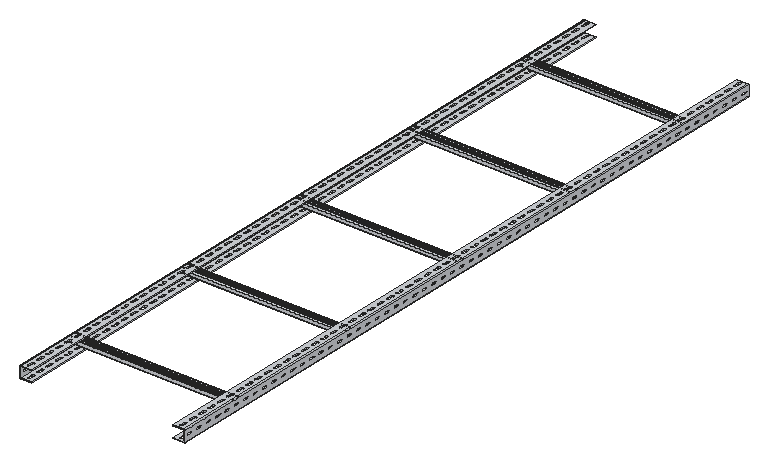
Revit family "steigeleiter_7_FT_FTSO_FTK_A2_A4.700rfa", category Generic Models, Revit 2017 (continued)
Forms (mm)
  Extrusion 148, void
    sketch origin (0, 1250, 0) x (0, 1, 0) y (0, 0, 1)
      loop
        arc (15.5, 30.5) -> (10, 25) -> (15.5, 19.5) r 5.5
        line (15.5, 19.5) -> (34.5, 19.5)
        arc (34.5, 19.5) -> (40, 25) -> (34.5, 30.5) r 5.5
        line (34.5, 30.5) -> (15.5, 30.5)
    from 347.5 to 350
  Extrusion 149, void
    sketch origin (0, 1300, 0) x (0, 1, 0) y (0, 0, 1)
      loop
        arc (15.5, 30.5) -> (10, 25) -> (15.5, 19.5) r 5.5
        line (15.5, 19.5) -> (34.5, 19.5)
        arc (34.5, 19.5) -> (40, 25) -> (34.5, 30.5) r 5.5
        line (34.5, 30.5) -> (15.5, 30.5)
    from 347.5 to 350
  Extrusion 150, void
    sketch origin (0, 1350, 0) x (0, 1, 0) y (0, 0, 1)
      loop
        arc (15.5, 30.5) -> (10, 25) -> (15.5, 19.5) r 5.5
        line (15.5, 19.5) -> (34.5, 19.5)
        arc (34.5, 19.5) -> (40, 25) -> (34.5, 30.5) r 5.5
        line (34.5, 30.5) -> (15.5, 30.5)
    from 347.5 to 350
  Extrusion 151, void
    sketch origin (0, 1400, 0) x (0, 1, 0) y (0, 0, 1)
      loop
        arc (15.5, 30.5) -> (10, 25) -> (15.5, 19.5) r 5.5
        line (15.5, 19.5) -> (34.5, 19.5)
        arc (34.5, 19.5) -> (40, 25) -> (34.5, 30.5) r 5.5
        line (34.5, 30.5) -> (15.5, 30.5)
    from 347.5 to 350
  Extrusion 152, void
    sketch origin (0, 1450, 0) x (0, 1, 0) y (0, 0, 1)
      loop
        arc (15.5, 30.5) -> (10, 25) -> (15.5, 19.5) r 5.5
        line (15.5, 19.5) -> (34.5, 19.5)
        arc (34.5, 19.5) -> (40, 25) -> (34.5, 30.5) r 5.5
        line (34.5, 30.5) -> (15.5, 30.5)
    from 347.5 to 350
  Extrusion 153, void
    sketch origin (0, 1500, 0) x (0, 1, 0) y (0, 0, 1)
      loop
        arc (15.5, 30.5) -> (10, 25) -> (15.5, 19.5) r 5.5
        line (15.5, 19.5) -> (34.5, 19.5)
        arc (34.5, 19.5) -> (40, 25) -> (34.5, 30.5) r 5.5
        line (34.5, 30.5) -> (15.5, 30.5)
    from 347.5 to 350
  Extrusion 154, void
    sketch origin (0, 1550, 0) x (0, 1, 0) y (0, 0, 1)
      loop
        arc (15.5, 30.5) -> (10, 25) -> (15.5, 19.5) r 5.5
        line (15.5, 19.5) -> (34.5, 19.5)
        arc (34.5, 19.5) -> (40, 25) -> (34.5, 30.5) r 5.5
        line (34.5, 30.5) -> (15.5, 30.5)
    from 347.5 to 350
  Extrusion 155, void
    sketch origin (0, 1600, 0) x (0, 1, 0) y (0, 0, 1)
      loop
        arc (15.5, 30.5) -> (10, 25) -> (15.5, 19.5) r 5.5
        line (15.5, 19.5) -> (34.5, 19.5)
        arc (34.5, 19.5) -> (40, 25) -> (34.5, 30.5) r 5.5
        line (34.5, 30.5) -> (15.5, 30.5)
    from 347.5 to 350
  Extrusion 156, void
    sketch origin (0, 1650, 0) x (0, 1, 0) y (0, 0, 1)
      loop
        arc (15.5, 30.5) -> (10, 25) -> (15.5, 19.5) r 5.5
        line (15.5, 19.5) -> (34.5, 19.5)
        arc (34.5, 19.5) -> (40, 25) -> (34.5, 30.5) r 5.5
        line (34.5, 30.5) -> (15.5, 30.5)
    from 347.5 to 350
  Extrusion 157, void
    sketch origin (0, 1700, 0) x (0, 1, 0) y (0, 0, 1)
      loop
        arc (15.5, 30.5) -> (10, 25) -> (15.5, 19.5) r 5.5
        line (15.5, 19.5) -> (34.5, 19.5)
        arc (34.5, 19.5) -> (40, 25) -> (34.5, 30.5) r 5.5
        line (34.5, 30.5) -> (15.5, 30.5)
    from 347.5 to 350
  Extrusion 158, void
    sketch origin (0, 1750, 0) x (0, 1, 0) y (0, 0, 1)
      loop
        arc (15.5, 30.5) -> (10, 25) -> (15.5, 19.5) r 5.5
        line (15.5, 19.5) -> (34.5, 19.5)
        arc (34.5, 19.5) -> (40, 25) -> (34.5, 30.5) r 5.5
        line (34.5, 30.5) -> (15.5, 30.5)
    from 347.5 to 350
  Extrusion 159, void
    sketch origin (0, 1800, 0) x (0, 1, 0) y (0, 0, 1)
      loop
        arc (15.5, 30.5) -> (10, 25) -> (15.5, 19.5) r 5.5
        line (15.5, 19.5) -> (34.5, 19.5)
        arc (34.5, 19.5) -> (40, 25) -> (34.5, 30.5) r 5.5
        line (34.5, 30.5) -> (15.5, 30.5)
    from 347.5 to 350
  Extrusion 160, void
    sketch origin (0, 1850, 0) x (0, 1, 0) y (0, 0, 1)
      loop
        arc (15.5, 30.5) -> (10, 25) -> (15.5, 19.5) r 5.5
        line (15.5, 19.5) -> (34.5, 19.5)
        arc (34.5, 19.5) -> (40, 25) -> (34.5, 30.5) r 5.5
        line (34.5, 30.5) -> (15.5, 30.5)
    from 347.5 to 350
  Extrusion 161, void
    sketch origin (0, 1900, 0) x (0, 1, 0) y (0, 0, 1)
      loop
        arc (15.5, 30.5) -> (10, 25) -> (15.5, 19.5) r 5.5
        line (15.5, 19.5) -> (34.5, 19.5)
        arc (34.5, 19.5) -> (40, 25) -> (34.5, 30.5) r 5.5
        line (34.5, 30.5) -> (15.5, 30.5)
    from 347.5 to 350
  Extrusion 162, void
    sketch origin (0, 1950, 0) x (0, 1, 0) y (0, 0, 1)
      loop
        arc (15.5, 30.5) -> (10, 25) -> (15.5, 19.5) r 5.5
        line (15.5, 19.5) -> (34.5, 19.5)
        arc (34.5, 19.5) -> (40, 25) -> (34.5, 30.5) r 5.5
        line (34.5, 30.5) -> (15.5, 30.5)
    from 347.5 to 350
  Extrusion 163, void
    sketch origin (0, 2000, 0) x (0, 1, 0) y (0, 0, 1)
      loop
        arc (15.5, 30.5) -> (10, 25) -> (15.5, 19.5) r 5.5
        line (15.5, 19.5) -> (34.5, 19.5)
        arc (34.5, 19.5) -> (40, 25) -> (34.5, 30.5) r 5.5
        line (34.5, 30.5) -> (15.5, 30.5)
    from 347.5 to 350
  Extrusion 164, void
    sketch origin (0, 2050, 0) x (0, 1, 0) y (0, 0, 1)
      loop
        arc (15.5, 30.5) -> (10, 25) -> (15.5, 19.5) r 5.5
        line (15.5, 19.5) -> (34.5, 19.5)
        arc (34.5, 19.5) -> (40, 25) -> (34.5, 30.5) r 5.5
        line (34.5, 30.5) -> (15.5, 30.5)
    from 347.5 to 350
  Extrusion 165, void
    sketch origin (0, 2100, 0) x (0, 1, 0) y (0, 0, 1)
      loop
        arc (15.5, 30.5) -> (10, 25) -> (15.5, 19.5) r 5.5
        line (15.5, 19.5) -> (34.5, 19.5)
        arc (34.5, 19.5) -> (40, 25) -> (34.5, 30.5) r 5.5
        line (34.5, 30.5) -> (15.5, 30.5)
    from 347.5 to 350
  Extrusion 166, void
    sketch origin (0, 2150, 0) x (0, 1, 0) y (0, 0, 1)
      loop
        arc (15.5, 30.5) -> (10, 25) -> (15.5, 19.5) r 5.5
        line (15.5, 19.5) -> (34.5, 19.5)
        arc (34.5, 19.5) -> (40, 25) -> (34.5, 30.5) r 5.5
        line (34.5, 30.5) -> (15.5, 30.5)
    from 347.5 to 350
  Extrusion 167, void
    sketch origin (0, 2200, 0) x (0, 1, 0) y (0, 0, 1)
      loop
        arc (15.5, 30.5) -> (10, 25) -> (15.5, 19.5) r 5.5
        line (15.5, 19.5) -> (34.5, 19.5)
        arc (34.5, 19.5) -> (40, 25) -> (34.5, 30.5) r 5.5
        line (34.5, 30.5) -> (15.5, 30.5)
    from 347.5 to 350
  Extrusion 168, void
    sketch origin (0, 2250, 0) x (0, 1, 0) y (0, 0, 1)
      loop
        arc (15.5, 30.5) -> (10, 25) -> (15.5, 19.5) r 5.5
        line (15.5, 19.5) -> (34.5, 19.5)
        arc (34.5, 19.5) -> (40, 25) -> (34.5, 30.5) r 5.5
        line (34.5, 30.5) -> (15.5, 30.5)
    from 347.5 to 350
  Extrusion 169, void
    sketch origin (0, 2300, 0) x (0, 1, 0) y (0, 0, 1)
      loop
        arc (15.5, 30.5) -> (10, 25) -> (15.5, 19.5) r 5.5
        line (15.5, 19.5) -> (34.5, 19.5)
        arc (34.5, 19.5) -> (40, 25) -> (34.5, 30.5) r 5.5
        line (34.5, 30.5) -> (15.5, 30.5)
    from 347.5 to 350
  Extrusion 170, void
    sketch origin (0, 2350, 0) x (0, 1, 0) y (0, 0, 1)
      loop
        arc (15.5, 30.5) -> (10, 25) -> (15.5, 19.5) r 5.5
        line (15.5, 19.5) -> (34.5, 19.5)
        arc (34.5, 19.5) -> (40, 25) -> (34.5, 30.5) r 5.5
        line (34.5, 30.5) -> (15.5, 30.5)
    from 347.5 to 350
  Extrusion 171, void
    sketch origin (0, 2400, 0) x (0, 1, 0) y (0, 0, 1)
      loop
        arc (15.5, 30.5) -> (10, 25) -> (15.5, 19.5) r 5.5
        line (15.5, 19.5) -> (34.5, 19.5)
        arc (34.5, 19.5) -> (40, 25) -> (34.5, 30.5) r 5.5
        line (34.5, 30.5) -> (15.5, 30.5)
    from 347.5 to 350
  Extrusion 172, void
    sketch origin (0, 2450, 0) x (0, 1, 0) y (0, 0, 1)
      loop
        arc (15.5, 30.5) -> (10, 25) -> (15.5, 19.5) r 5.5
        line (15.5, 19.5) -> (34.5, 19.5)
        arc (34.5, 19.5) -> (40, 25) -> (34.5, 30.5) r 5.5
        line (34.5, 30.5) -> (15.5, 30.5)
    from 347.5 to 350
  Extrusion 173, void
    sketch origin (0, 2500, 0) x (0, 1, 0) y (0, 0, 1)
      loop
        arc (15.5, 30.5) -> (10, 25) -> (15.5, 19.5) r 5.5
        line (15.5, 19.5) -> (34.5, 19.5)
        arc (34.5, 19.5) -> (40, 25) -> (34.5, 30.5) r 5.5
        line (34.5, 30.5) -> (15.5, 30.5)
    from 347.5 to 350
  Extrusion 174, void
    sketch origin (0, 2550, 0) x (0, 1, 0) y (0, 0, 1)
      loop
        arc (15.5, 30.5) -> (10, 25) -> (15.5, 19.5) r 5.5
        line (15.5, 19.5) -> (34.5, 19.5)
        arc (34.5, 19.5) -> (40, 25) -> (34.5, 30.5) r 5.5
        line (34.5, 30.5) -> (15.5, 30.5)
    from 347.5 to 350
  Extrusion 175, void
    sketch origin (0, 2600, 0) x (0, 1, 0) y (0, 0, 1)
      loop
        arc (15.5, 30.5) -> (10, 25) -> (15.5, 19.5) r 5.5
        line (15.5, 19.5) -> (34.5, 19.5)
        arc (34.5, 19.5) -> (40, 25) -> (34.5, 30.5) r 5.5
        line (34.5, 30.5) -> (15.5, 30.5)
    from 347.5 to 350
  Extrusion 176, void
    sketch origin (0, 2650, 0) x (0, 1, 0) y (0, 0, 1)
      loop
        arc (15.5, 30.5) -> (10, 25) -> (15.5, 19.5) r 5.5
        line (15.5, 19.5) -> (34.5, 19.5)
        arc (34.5, 19.5) -> (40, 25) -> (34.5, 30.5) r 5.5
        line (34.5, 30.5) -> (15.5, 30.5)
    from 347.5 to 350
  Extrusion 177, void
    sketch origin (0, 2700, 0) x (0, 1, 0) y (0, 0, 1)
      loop
        arc (15.5, 30.5) -> (10, 25) -> (15.5, 19.5) r 5.5
        line (15.5, 19.5) -> (34.5, 19.5)
        arc (34.5, 19.5) -> (40, 25) -> (34.5, 30.5) r 5.5
        line (34.5, 30.5) -> (15.5, 30.5)
    from 347.5 to 350
  Extrusion 178, void
    sketch origin (0, 2750, 0) x (0, 1, 0) y (0, 0, 1)
      loop
        arc (15.5, 30.5) -> (10, 25) -> (15.5, 19.5) r 5.5
        line (15.5, 19.5) -> (34.5, 19.5)
        arc (34.5, 19.5) -> (40, 25) -> (34.5, 30.5) r 5.5
        line (34.5, 30.5) -> (15.5, 30.5)
    from 347.5 to 350
  Extrusion 179, void
    sketch origin (0, 2800, 0) x (0, 1, 0) y (0, 0, 1)
      loop
        arc (15.5, 30.5) -> (10, 25) -> (15.5, 19.5) r 5.5
        line (15.5, 19.5) -> (34.5, 19.5)
        arc (34.5, 19.5) -> (40, 25) -> (34.5, 30.5) r 5.5
        line (34.5, 30.5) -> (15.5, 30.5)
    from 347.5 to 350
  Extrusion 180, void
    sketch origin (0, 2850, 0) x (0, 1, 0) y (0, 0, 1)
      loop
        arc (15.5, 30.5) -> (10, 25) -> (15.5, 19.5) r 5.5
        line (15.5, 19.5) -> (34.5, 19.5)
        arc (34.5, 19.5) -> (40, 25) -> (34.5, 30.5) r 5.5
        line (34.5, 30.5) -> (15.5, 30.5)
    from 347.5 to 350
  Extrusion 181, void
    sketch origin (0, 2900, 0) x (0, 1, 0) y (0, 0, 1)
      loop
        arc (15.5, 30.5) -> (10, 25) -> (15.5, 19.5) r 5.5
        line (15.5, 19.5) -> (34.5, 19.5)
        arc (34.5, 19.5) -> (40, 25) -> (34.5, 30.5) r 5.5
        line (34.5, 30.5) -> (15.5, 30.5)
    from 347.5 to 350
  Extrusion 182, void
    sketch origin (0, 2950, 0) x (0, 1, 0) y (0, 0, 1)
      loop
        arc (15.5, 30.5) -> (10, 25) -> (15.5, 19.5) r 5.5
        line (15.5, 19.5) -> (34.5, 19.5)
        arc (34.5, 19.5) -> (40, 25) -> (34.5, 30.5) r 5.5
        line (34.5, 30.5) -> (15.5, 30.5)
    from 347.5 to 350
  Extrusion 183, void
    sketch origin (0, 0, 0) x (0, 1, 0) y (0, 0, 1)
      loop
        arc (15.5, 30.5) -> (10, 25) -> (15.5, 19.5) r 5.5
        line (15.5, 19.5) -> (34.5, 19.5)
        arc (34.5, 19.5) -> (40, 25) -> (34.5, 30.5) r 5.5
        line (34.5, 30.5) -> (15.5, 30.5)
    from 347.5 to 350
  Extrusion 184, void
    sketch origin (0, 50, 0) x (0, 1, 0) y (0, 0, 1)
      loop
        line (34.599, 30.303) -> (15.401, 30.303)
        arc (15.401, 30.303) -> (10, 24.901) -> (15.401, 19.5) r 5.401
        line (15.401, 19.5) -> (34.599, 19.5)
        arc (34.599, 19.5) -> (40, 24.901) -> (34.599, 30.303) r 5.401
    from -355 to -344.856
  Extrusion 185, void
    sketch origin (0, 100, 0) x (0, 1, 0) y (0, 0, 1)
      loop
        line (34.599, 30.303) -> (15.401, 30.303)
        arc (15.401, 30.303) -> (10, 24.901) -> (15.401, 19.5) r 5.401
        line (15.401, 19.5) -> (34.599, 19.5)
        arc (34.599, 19.5) -> (40, 24.901) -> (34.599, 30.303) r 5.401
    from -350 to -347.5
  Extrusion 186, void
    sketch origin (0, 150, 0) x (0, 1, 0) y (0, 0, 1)
      loop
        line (34.599, 30.303) -> (15.401, 30.303)
        arc (15.401, 30.303) -> (10, 24.901) -> (15.401, 19.5) r 5.401
        line (15.401, 19.5) -> (34.599, 19.5)
        arc (34.599, 19.5) -> (40, 24.901) -> (34.599, 30.303) r 5.401
    from -350 to -347.5
  Extrusion 187, void
    sketch origin (0, 200, 0) x (0, 1, 0) y (0, 0, 1)
      loop
        line (34.599, 30.303) -> (15.401, 30.303)
        arc (15.401, 30.303) -> (10, 24.901) -> (15.401, 19.5) r 5.401
        line (15.401, 19.5) -> (34.599, 19.5)
        arc (34.599, 19.5) -> (40, 24.901) -> (34.599, 30.303) r 5.401
    from -350 to -347.5
  Extrusion 188, void
    sketch origin (0, 250, 0) x (0, 1, 0) y (0, 0, 1)
      loop
        line (34.599, 30.303) -> (15.401, 30.303)
        arc (15.401, 30.303) -> (10, 24.901) -> (15.401, 19.5) r 5.401
        line (15.401, 19.5) -> (34.599, 19.5)
        arc (34.599, 19.5) -> (40, 24.901) -> (34.599, 30.303) r 5.401
    from -350 to -347.5
  Extrusion 189, void
    sketch origin (0, 300, 0) x (0, 1, 0) y (0, 0, 1)
      loop
        line (34.599, 30.303) -> (15.401, 30.303)
        arc (15.401, 30.303) -> (10, 24.901) -> (15.401, 19.5) r 5.401
        line (15.401, 19.5) -> (34.599, 19.5)
        arc (34.599, 19.5) -> (40, 24.901) -> (34.599, 30.303) r 5.401
    from -350 to -347.5
  Extrusion 190, void
    sketch origin (0, 350, 0) x (0, 1, 0) y (0, 0, 1)
      loop
        line (34.599, 30.303) -> (15.401, 30.303)
        arc (15.401, 30.303) -> (10, 24.901) -> (15.401, 19.5) r 5.401
        line (15.401, 19.5) -> (34.599, 19.5)
        arc (34.599, 19.5) -> (40, 24.901) -> (34.599, 30.303) r 5.401
    from -350 to -347.5
  Extrusion 191, void
    sketch origin (0, 400, 0) x (0, 1, 0) y (0, 0, 1)
      loop
        line (34.599, 30.303) -> (15.401, 30.303)
        arc (15.401, 30.303) -> (10, 24.901) -> (15.401, 19.5) r 5.401
        line (15.401, 19.5) -> (34.599, 19.5)
        arc (34.599, 19.5) -> (40, 24.901) -> (34.599, 30.303) r 5.401
    from -350 to -347.5
  Extrusion 192, void
    sketch origin (0, 450, 0) x (0, 1, 0) y (0, 0, 1)
      loop
        line (34.599, 30.303) -> (15.401, 30.303)
        arc (15.401, 30.303) -> (10, 24.901) -> (15.401, 19.5) r 5.401
        line (15.401, 19.5) -> (34.599, 19.5)
        arc (34.599, 19.5) -> (40, 24.901) -> (34.599, 30.303) r 5.401
    from -350 to -347.5
  Extrusion 193, void
    sketch origin (0, 500, 0) x (0, 1, 0) y (0, 0, 1)
      loop
        line (34.599, 30.303) -> (15.401, 30.303)
        arc (15.401, 30.303) -> (10, 24.901) -> (15.401, 19.5) r 5.401
        line (15.401, 19.5) -> (34.599, 19.5)
        arc (34.599, 19.5) -> (40, 24.901) -> (34.599, 30.303) r 5.401
    from -350 to -347.5
  Extrusion 194, void
    sketch origin (0, 550, 0) x (0, 1, 0) y (0, 0, 1)
      loop
        line (34.599, 30.303) -> (15.401, 30.303)
        arc (15.401, 30.303) -> (10, 24.901) -> (15.401, 19.5) r 5.401
        line (15.401, 19.5) -> (34.599, 19.5)
        arc (34.599, 19.5) -> (40, 24.901) -> (34.599, 30.303) r 5.401
    from -350 to -347.5
  Extrusion 195, void
    sketch origin (0, 600, 0) x (0, 1, 0) y (0, 0, 1)
      loop
        line (34.599, 30.303) -> (15.401, 30.303)
        arc (15.401, 30.303) -> (10, 24.901) -> (15.401, 19.5) r 5.401
        line (15.401, 19.5) -> (34.599, 19.5)
        arc (34.599, 19.5) -> (40, 24.901) -> (34.599, 30.303) r 5.401
    from -350 to -347.5
  Extrusion 196, void
    sketch origin (0, 650, 0) x (0, 1, 0) y (0, 0, 1)
      loop
        line (34.599, 30.303) -> (15.401, 30.303)
        arc (15.401, 30.303) -> (10, 24.901) -> (15.401, 19.5) r 5.401
        line (15.401, 19.5) -> (34.599, 19.5)
        arc (34.599, 19.5) -> (40, 24.901) -> (34.599, 30.303) r 5.401
    from -350 to -347.5
  Extrusion 197, void
    sketch origin (0, 700, 0) x (0, 1, 0) y (0, 0, 1)
      loop
        line (34.599, 30.303) -> (15.401, 30.303)
        arc (15.401, 30.303) -> (10, 24.901) -> (15.401, 19.5) r 5.401
        line (15.401, 19.5) -> (34.599, 19.5)
        arc (34.599, 19.5) -> (40, 24.901) -> (34.599, 30.303) r 5.401
    from -350 to -347.5
  Extrusion 198, void
    sketch origin (0, 750, 0) x (0, 1, 0) y (0, 0, 1)
      loop
        line (34.599, 30.303) -> (15.401, 30.303)
        arc (15.401, 30.303) -> (10, 24.901) -> (15.401, 19.5) r 5.401
        line (15.401, 19.5) -> (34.599, 19.5)
        arc (34.599, 19.5) -> (40, 24.901) -> (34.599, 30.303) r 5.401
    from -350 to -347.5
  Extrusion 199, void
    sketch origin (0, 800, 0) x (0, 1, 0) y (0, 0, 1)
      loop
        line (34.599, 30.303) -> (15.401, 30.303)
        arc (15.401, 30.303) -> (10, 24.901) -> (15.401, 19.5) r 5.401
        line (15.401, 19.5) -> (34.599, 19.5)
        arc (34.599, 19.5) -> (40, 24.901) -> (34.599, 30.303) r 5.401
    from -350 to -347.5
  Extrusion 200, void
    sketch origin (0, 850, 0) x (0, 1, 0) y (0, 0, 1)
      loop
        line (34.599, 30.303) -> (15.401, 30.303)
        arc (15.401, 30.303) -> (10, 24.901) -> (15.401, 19.5) r 5.401
        line (15.401, 19.5) -> (34.599, 19.5)
        arc (34.599, 19.5) -> (40, 24.901) -> (34.599, 30.303) r 5.401
    from -350 to -347.5
  Extrusion 201, void
    sketch origin (0, 900, 0) x (0, 1, 0) y (0, 0, 1)
      loop
        line (34.599, 30.303) -> (15.401, 30.303)
        arc (15.401, 30.303) -> (10, 24.901) -> (15.401, 19.5) r 5.401
        line (15.401, 19.5) -> (34.599, 19.5)
        arc (34.599, 19.5) -> (40, 24.901) -> (34.599, 30.303) r 5.401
    from -350 to -347.5
  Extrusion 202, void
    sketch origin (0, 950, 0) x (0, 1, 0) y (0, 0, 1)
      loop
        line (34.599, 30.303) -> (15.401, 30.303)
        arc (15.401, 30.303) -> (10, 24.901) -> (15.401, 19.5) r 5.401
        line (15.401, 19.5) -> (34.599, 19.5)
        arc (34.599, 19.5) -> (40, 24.901) -> (34.599, 30.303) r 5.401
    from -350 to -347.5
  Extrusion 203, void
    sketch origin (0, 1000, 0) x (0, 1, 0) y (0, 0, 1)
      loop
        line (34.599, 30.303) -> (15.401, 30.303)
        arc (15.401, 30.303) -> (10, 24.901) -> (15.401, 19.5) r 5.401
        line (15.401, 19.5) -> (34.599, 19.5)
        arc (34.599, 19.5) -> (40, 24.901) -> (34.599, 30.303) r 5.401
    from -350 to -347.5
  Extrusion 204, void
    sketch origin (0, 1050, 0) x (0, 1, 0) y (0, 0, 1)
      loop
        line (34.599, 30.303) -> (15.401, 30.303)
        arc (15.401, 30.303) -> (10, 24.901) -> (15.401, 19.5) r 5.401
        line (15.401, 19.5) -> (34.599, 19.5)
        arc (34.599, 19.5) -> (40, 24.901) -> (34.599, 30.303) r 5.401
    from -350 to -347.5
  Extrusion 205, void
    sketch origin (0, 1100, 0) x (0, 1, 0) y (0, 0, 1)
      loop
        line (34.599, 30.303) -> (15.401, 30.303)
        arc (15.401, 30.303) -> (10, 24.901) -> (15.401, 19.5) r 5.401
        line (15.401, 19.5) -> (34.599, 19.5)
        arc (34.599, 19.5) -> (40, 24.901) -> (34.599, 30.303) r 5.401
    from -350 to -347.5
  Extrusion 206, void
    sketch origin (0, 1150, 0) x (0, 1, 0) y (0, 0, 1)
      loop
        line (34.599, 30.303) -> (15.401, 30.303)
        arc (15.401, 30.303) -> (10, 24.901) -> (15.401, 19.5) r 5.401
        line (15.401, 19.5) -> (34.599, 19.5)
        arc (34.599, 19.5) -> (40, 24.901) -> (34.599, 30.303) r 5.401
    from -350 to -347.5
  Extrusion 207, void
    sketch origin (0, 1200, 0) x (0, 1, 0) y (0, 0, 1)
      loop
        line (34.599, 30.303) -> (15.401, 30.303)
        arc (15.401, 30.303) -> (10, 24.901) -> (15.401, 19.5) r 5.401
        line (15.401, 19.5) -> (34.599, 19.5)
        arc (34.599, 19.5) -> (40, 24.901) -> (34.599, 30.303) r 5.401
    from -350 to -347.5
  Extrusion 208, void
    sketch origin (0, 1250, 0) x (0, 1, 0) y (0, 0, 1)
      loop
        line (34.599, 30.303) -> (15.401, 30.303)
        arc (15.401, 30.303) -> (10, 24.901) -> (15.401, 19.5) r 5.401
        line (15.401, 19.5) -> (34.599, 19.5)
        arc (34.599, 19.5) -> (40, 24.901) -> (34.599, 30.303) r 5.401
    from -350 to -347.5
  Extrusion 209, void
    sketch origin (0, 1300, 0) x (0, 1, 0) y (0, 0, 1)
      loop
        line (34.599, 30.303) -> (15.401, 30.303)
        arc (15.401, 30.303) -> (10, 24.901) -> (15.401, 19.5) r 5.401
        line (15.401, 19.5) -> (34.599, 19.5)
        arc (34.599, 19.5) -> (40, 24.901) -> (34.599, 30.303) r 5.401
    from -350 to -347.5
  Extrusion 210, void
    sketch origin (0, 1350, 0) x (0, 1, 0) y (0, 0, 1)
      loop
        line (34.599, 30.303) -> (15.401, 30.303)
        arc (15.401, 30.303) -> (10, 24.901) -> (15.401, 19.5) r 5.401
        line (15.401, 19.5) -> (34.599, 19.5)
        arc (34.599, 19.5) -> (40, 24.901) -> (34.599, 30.303) r 5.401
    from -350 to -347.5
  Extrusion 211, void
    sketch origin (0, 1400, 0) x (0, 1, 0) y (0, 0, 1)
      loop
        line (34.599, 30.303) -> (15.401, 30.303)
        arc (15.401, 30.303) -> (10, 24.901) -> (15.401, 19.5) r 5.401
        line (15.401, 19.5) -> (34.599, 19.5)
        arc (34.599, 19.5) -> (40, 24.901) -> (34.599, 30.303) r 5.401
    from -350 to -347.5
  Extrusion 212, void
    sketch origin (0, 1450, 0) x (0, 1, 0) y (0, 0, 1)
      loop
        line (34.599, 30.303) -> (15.401, 30.303)
        arc (15.401, 30.303) -> (10, 24.901) -> (15.401, 19.5) r 5.401
        line (15.401, 19.5) -> (34.599, 19.5)
        arc (34.599, 19.5) -> (40, 24.901) -> (34.599, 30.303) r 5.401
    from -350 to -347.5
  Extrusion 213, void
    sketch origin (0, 1500, 0) x (0, 1, 0) y (0, 0, 1)
      loop
        line (34.599, 30.303) -> (15.401, 30.303)
        arc (15.401, 30.303) -> (10, 24.901) -> (15.401, 19.5) r 5.401
        line (15.401, 19.5) -> (34.599, 19.5)
        arc (34.599, 19.5) -> (40, 24.901) -> (34.599, 30.303) r 5.401
    from -350 to -347.5
  Extrusion 214, void
    sketch origin (0, 1550, 0) x (0, 1, 0) y (0, 0, 1)
      loop
        line (34.599, 30.303) -> (15.401, 30.303)
        arc (15.401, 30.303) -> (10, 24.901) -> (15.401, 19.5) r 5.401
        line (15.401, 19.5) -> (34.599, 19.5)
        arc (34.599, 19.5) -> (40, 24.901) -> (34.599, 30.303) r 5.401
    from -350 to -347.5
  Extrusion 215, void
    sketch origin (0, 1600, 0) x (0, 1, 0) y (0, 0, 1)
      loop
        line (34.599, 30.303) -> (15.401, 30.303)
        arc (15.401, 30.303) -> (10, 24.901) -> (15.401, 19.5) r 5.401
        line (15.401, 19.5) -> (34.599, 19.5)
        arc (34.599, 19.5) -> (40, 24.901) -> (34.599, 30.303) r 5.401
    from -350 to -347.5
  Extrusion 216, void
    sketch origin (0, 1650, 0) x (0, 1, 0) y (0, 0, 1)
      loop
        line (34.599, 30.303) -> (15.401, 30.303)
        arc (15.401, 30.303) -> (10, 24.901) -> (15.401, 19.5) r 5.401
        line (15.401, 19.5) -> (34.599, 19.5)
        arc (34.599, 19.5) -> (40, 24.901) -> (34.599, 30.303) r 5.401
    from -350 to -347.5
  Extrusion 217, void
    sketch origin (0, 1700, 0) x (0, 1, 0) y (0, 0, 1)
      loop
        line (34.599, 30.303) -> (15.401, 30.303)
        arc (15.401, 30.303) -> (10, 24.901) -> (15.401, 19.5) r 5.401
        line (15.401, 19.5) -> (34.599, 19.5)
        arc (34.599, 19.5) -> (40, 24.901) -> (34.599, 30.303) r 5.401
    from -350 to -347.5
  Extrusion 218, void
    sketch origin (0, 1750, 0) x (0, 1, 0) y (0, 0, 1)
      loop
        line (34.599, 30.303) -> (15.401, 30.303)
        arc (15.401, 30.303) -> (10, 24.901) -> (15.401, 19.5) r 5.401
        line (15.401, 19.5) -> (34.599, 19.5)
        arc (34.599, 19.5) -> (40, 24.901) -> (34.599, 30.303) r 5.401
    from -350 to -347.5
  Extrusion 219, void
    sketch origin (0, 1800, 0) x (0, 1, 0) y (0, 0, 1)
      loop
        line (34.599, 30.303) -> (15.401, 30.303)
        arc (15.401, 30.303) -> (10, 24.901) -> (15.401, 19.5) r 5.401
        line (15.401, 19.5) -> (34.599, 19.5)
        arc (34.599, 19.5) -> (40, 24.901) -> (34.599, 30.303) r 5.401
    from -350 to -347.5
  Extrusion 220, void
    sketch origin (0, 1850, 0) x (0, 1, 0) y (0, 0, 1)
      loop
        line (34.599, 30.303) -> (15.401, 30.303)
        arc (15.401, 30.303) -> (10, 24.901) -> (15.401, 19.5) r 5.401
        line (15.401, 19.5) -> (34.599, 19.5)
        arc (34.599, 19.5) -> (40, 24.901) -> (34.599, 30.303) r 5.401
    from -350 to -347.5
  Extrusion 221, void
    sketch origin (0, 1900, 0) x (0, 1, 0) y (0, 0, 1)
      loop
        line (34.599, 30.303) -> (15.401, 30.303)
        arc (15.401, 30.303) -> (10, 24.901) -> (15.401, 19.5) r 5.401
        line (15.401, 19.5) -> (34.599, 19.5)
        arc (34.599, 19.5) -> (40, 24.901) -> (34.599, 30.303) r 5.401
    from -350 to -347.5
  Extrusion 222, void
    sketch origin (0, 1950, 0) x (0, 1, 0) y (0, 0, 1)
      loop
        line (34.599, 30.303) -> (15.401, 30.303)
        arc (15.401, 30.303) -> (10, 24.901) -> (15.401, 19.5) r 5.401
        line (15.401, 19.5) -> (34.599, 19.5)
        arc (34.599, 19.5) -> (40, 24.901) -> (34.599, 30.303) r 5.401
    from -350 to -347.5
  Extrusion 223, void
    sketch origin (0, 2000, 0) x (0, 1, 0) y (0, 0, 1)
      loop
        line (34.599, 30.303) -> (15.401, 30.303)
        arc (15.401, 30.303) -> (10, 24.901) -> (15.401, 19.5) r 5.401
        line (15.401, 19.5) -> (34.599, 19.5)
        arc (34.599, 19.5) -> (40, 24.901) -> (34.599, 30.303) r 5.401
    from -350 to -347.5
  Extrusion 224, void
    sketch origin (0, 2050, 0) x (0, 1, 0) y (0, 0, 1)
      loop
        line (34.599, 30.303) -> (15.401, 30.303)
        arc (15.401, 30.303) -> (10, 24.901) -> (15.401, 19.5) r 5.401
        line (15.401, 19.5) -> (34.599, 19.5)
        arc (34.599, 19.5) -> (40, 24.901) -> (34.599, 30.303) r 5.401
    from -350 to -347.5
  Extrusion 225, void
    sketch origin (0, 2100, 0) x (0, 1, 0) y (0, 0, 1)
      loop
        line (34.599, 30.303) -> (15.401, 30.303)
        arc (15.401, 30.303) -> (10, 24.901) -> (15.401, 19.5) r 5.401
        line (15.401, 19.5) -> (34.599, 19.5)
        arc (34.599, 19.5) -> (40, 24.901) -> (34.599, 30.303) r 5.401
    from -350 to -347.5
  Extrusion 226, void
    sketch origin (0, 2150, 0) x (0, 1, 0) y (0, 0, 1)
      loop
        line (34.599, 30.303) -> (15.401, 30.303)
        arc (15.401, 30.303) -> (10, 24.901) -> (15.401, 19.5) r 5.401
        line (15.401, 19.5) -> (34.599, 19.5)
        arc (34.599, 19.5) -> (40, 24.901) -> (34.599, 30.303) r 5.401
    from -350 to -347.5
  Extrusion 227, void
    sketch origin (0, 2200, 0) x (0, 1, 0) y (0, 0, 1)
      loop
        line (34.599, 30.303) -> (15.401, 30.303)
        arc (15.401, 30.303) -> (10, 24.901) -> (15.401, 19.5) r 5.401
        line (15.401, 19.5) -> (34.599, 19.5)
        arc (34.599, 19.5) -> (40, 24.901) -> (34.599, 30.303) r 5.401
    from -350 to -347.5
  Extrusion 228, void
    sketch origin (0, 2250, 0) x (0, 1, 0) y (0, 0, 1)
      loop
        line (34.599, 30.303) -> (15.401, 30.303)
        arc (15.401, 30.303) -> (10, 24.901) -> (15.401, 19.5) r 5.401
        line (15.401, 19.5) -> (34.599, 19.5)
        arc (34.599, 19.5) -> (40, 24.901) -> (34.599, 30.303) r 5.401
    from -350 to -347.5
  Extrusion 229, void
    sketch origin (0, 2300, 0) x (0, 1, 0) y (0, 0, 1)
      loop
        line (34.599, 30.303) -> (15.401, 30.303)
        arc (15.401, 30.303) -> (10, 24.901) -> (15.401, 19.5) r 5.401
        line (15.401, 19.5) -> (34.599, 19.5)
        arc (34.599, 19.5) -> (40, 24.901) -> (34.599, 30.303) r 5.401
    from -350 to -347.5
  Extrusion 230, void
    sketch origin (0, 2350, 0) x (0, 1, 0) y (0, 0, 1)
      loop
        line (34.599, 30.303) -> (15.401, 30.303)
        arc (15.401, 30.303) -> (10, 24.901) -> (15.401, 19.5) r 5.401
        line (15.401, 19.5) -> (34.599, 19.5)
        arc (34.599, 19.5) -> (40, 24.901) -> (34.599, 30.303) r 5.401
    from -350 to -347.5
  Extrusion 231, void
    sketch origin (0, 2400, 0) x (0, 1, 0) y (0, 0, 1)
      loop
        line (34.599, 30.303) -> (15.401, 30.303)
        arc (15.401, 30.303) -> (10, 24.901) -> (15.401, 19.5) r 5.401
        line (15.401, 19.5) -> (34.599, 19.5)
        arc (34.599, 19.5) -> (40, 24.901) -> (34.599, 30.303) r 5.401
    from -350 to -347.5
  Extrusion 232, void
    sketch origin (0, 2450, 0) x (0, 1, 0) y (0, 0, 1)
      loop
        line (34.599, 30.303) -> (15.401, 30.303)
        arc (15.401, 30.303) -> (10, 24.901) -> (15.401, 19.5) r 5.401
        line (15.401, 19.5) -> (34.599, 19.5)
        arc (34.599, 19.5) -> (40, 24.901) -> (34.599, 30.303) r 5.401
    from -350 to -347.5
  Extrusion 233, void
    sketch origin (0, 2500, 0) x (0, 1, 0) y (0, 0, 1)
      loop
        line (34.599, 30.303) -> (15.401, 30.303)
        arc (15.401, 30.303) -> (10, 24.901) -> (15.401, 19.5) r 5.401
        line (15.401, 19.5) -> (34.599, 19.5)
        arc (34.599, 19.5) -> (40, 24.901) -> (34.599, 30.303) r 5.401
    from -350 to -347.5
  Extrusion 234, void
    sketch origin (0, 2550, 0) x (0, 1, 0) y (0, 0, 1)
      loop
        line (34.599, 30.303) -> (15.401, 30.303)
        arc (15.401, 30.303) -> (10, 24.901) -> (15.401, 19.5) r 5.401
        line (15.401, 19.5) -> (34.599, 19.5)
        arc (34.599, 19.5) -> (40, 24.901) -> (34.599, 30.303) r 5.401
    from -350 to -347.5
  Extrusion 235, void
    sketch origin (0, 2600, 0) x (0, 1, 0) y (0, 0, 1)
      loop
        line (34.599, 30.303) -> (15.401, 30.303)
        arc (15.401, 30.303) -> (10, 24.901) -> (15.401, 19.5) r 5.401
        line (15.401, 19.5) -> (34.599, 19.5)
        arc (34.599, 19.5) -> (40, 24.901) -> (34.599, 30.303) r 5.401
    from -350 to -347.5
  Extrusion 236, void
    sketch origin (0, 2650, 0) x (0, 1, 0) y (0, 0, 1)
      loop
        line (34.599, 30.303) -> (15.401, 30.303)
        arc (15.401, 30.303) -> (10, 24.901) -> (15.401, 19.5) r 5.401
        line (15.401, 19.5) -> (34.599, 19.5)
        arc (34.599, 19.5) -> (40, 24.901) -> (34.599, 30.303) r 5.401
    from -350 to -347.5
  Extrusion 237, void
    sketch origin (0, 2700, 0) x (0, 1, 0) y (0, 0, 1)
      loop
        line (34.599, 30.303) -> (15.401, 30.303)
        arc (15.401, 30.303) -> (10, 24.901) -> (15.401, 19.5) r 5.401
        line (15.401, 19.5) -> (34.599, 19.5)
        arc (34.599, 19.5) -> (40, 24.901) -> (34.599, 30.303) r 5.401
    from -350 to -347.5
  Extrusion 238, void
    sketch origin (0, 2750, 0) x (0, 1, 0) y (0, 0, 1)
      loop
        line (34.599, 30.303) -> (15.401, 30.303)
        arc (15.401, 30.303) -> (10, 24.901) -> (15.401, 19.5) r 5.401
        line (15.401, 19.5) -> (34.599, 19.5)
        arc (34.599, 19.5) -> (40, 24.901) -> (34.599, 30.303) r 5.401
    from -350 to -347.5
  Extrusion 239, void
    sketch origin (0, 2800, 0) x (0, 1, 0) y (0, 0, 1)
      loop
        line (34.599, 30.303) -> (15.401, 30.303)
        arc (15.401, 30.303) -> (10, 24.901) -> (15.401, 19.5) r 5.401
        line (15.401, 19.5) -> (34.599, 19.5)
        arc (34.599, 19.5) -> (40, 24.901) -> (34.599, 30.303) r 5.401
    from -350 to -347.5
  Extrusion 240, void
    sketch origin (0, 2850, 0) x (0, 1, 0) y (0, 0, 1)
      loop
        line (34.599, 30.303) -> (15.401, 30.303)
        arc (15.401, 30.303) -> (10, 24.901) -> (15.401, 19.5) r 5.401
        line (15.401, 19.5) -> (34.599, 19.5)
        arc (34.599, 19.5) -> (40, 24.901) -> (34.599, 30.303) r 5.401
    from -350 to -347.5
  Extrusion 241, void
    sketch origin (0, 2900, 0) x (0, 1, 0) y (0, 0, 1)
      loop
        line (34.599, 30.303) -> (15.401, 30.303)
        arc (15.401, 30.303) -> (10, 24.901) -> (15.401, 19.5) r 5.401
        line (15.401, 19.5) -> (34.599, 19.5)
        arc (34.599, 19.5) -> (40, 24.901) -> (34.599, 30.303) r 5.401
    from -350 to -347.5
  Extrusion 242, void
    sketch origin (0, 2950, 0) x (0, 1, 0) y (0, 0, 1)
      loop
        line (34.599, 30.303) -> (15.401, 30.303)
        arc (15.401, 30.303) -> (10, 24.901) -> (15.401, 19.5) r 5.401
        line (15.401, 19.5) -> (34.599, 19.5)
        arc (34.599, 19.5) -> (40, 24.901) -> (34.599, 30.303) r 5.401
    from -350 to -347.5
  Extrusion 243, void
    sketch origin (0, 50, 0) x (1, 0, 0) y (0, 1, 0)
      loop
        arc (319.5, 15.5) -> (325, 10) -> (330.5, 15.5) r 5.5
        line (330.5, 15.5) -> (330.5, 34.5)
        arc (330.5, 34.5) -> (325, 40) -> (319.5, 34.5) r 5.5
        line (319.5, 34.5) -> (319.5, 15.5)
    from 47.5 to 50
  Extrusion 244, void
    sketch origin (0, 100, 0) x (1, 0, 0) y (0, 1, 0)
      loop
        arc (319.5, 15.5) -> (325, 10) -> (330.5, 15.5) r 5.5
        line (330.5, 15.5) -> (330.5, 34.5)
        arc (330.5, 34.5) -> (325, 40) -> (319.5, 34.5) r 5.5
        line (319.5, 34.5) -> (319.5, 15.5)
    from 47.5 to 50
  Extrusion 245, void
    sketch origin (0, 150, 0) x (1, 0, 0) y (0, 1, 0)
      loop
        arc (319.5, 15.5) -> (325, 10) -> (330.5, 15.5) r 5.5
        line (330.5, 15.5) -> (330.5, 34.5)
        arc (330.5, 34.5) -> (325, 40) -> (319.5, 34.5) r 5.5
        line (319.5, 34.5) -> (319.5, 15.5)
    from 47.5 to 50
  Extrusion 246, void
    sketch origin (0, 200, 0) x (1, 0, 0) y (0, 1, 0)
      loop
        arc (319.5, 15.5) -> (325, 10) -> (330.5, 15.5) r 5.5
        line (330.5, 15.5) -> (330.5, 34.5)
        arc (330.5, 34.5) -> (325, 40) -> (319.5, 34.5) r 5.5
        line (319.5, 34.5) -> (319.5, 15.5)
    from 47.5 to 50
  Extrusion 247, void
    sketch origin (0, 250, 0) x (1, 0, 0) y (0, 1, 0)
      loop
        arc (319.5, 15.5) -> (325, 10) -> (330.5, 15.5) r 5.5
        line (330.5, 15.5) -> (330.5, 34.5)
        arc (330.5, 34.5) -> (325, 40) -> (319.5, 34.5) r 5.5
        line (319.5, 34.5) -> (319.5, 15.5)
    from 47.5 to 50
  Extrusion 248, void
    sketch origin (0, 300, 0) x (1, 0, 0) y (0, 1, 0)
      loop
        arc (319.5, 15.5) -> (325, 10) -> (330.5, 15.5) r 5.5
        line (330.5, 15.5) -> (330.5, 34.5)
        arc (330.5, 34.5) -> (325, 40) -> (319.5, 34.5) r 5.5
        line (319.5, 34.5) -> (319.5, 15.5)
    from 47.5 to 50
  Extrusion 249, void
    sketch origin (0, 350, 0) x (1, 0, 0) y (0, 1, 0)
      loop
        arc (319.5, 15.5) -> (325, 10) -> (330.5, 15.5) r 5.5
        line (330.5, 15.5) -> (330.5, 34.5)
        arc (330.5, 34.5) -> (325, 40) -> (319.5, 34.5) r 5.5
        line (319.5, 34.5) -> (319.5, 15.5)
    from 47.5 to 50
  Extrusion 250, void
    sketch origin (0, 400, 0) x (1, 0, 0) y (0, 1, 0)
      loop
        arc (319.5, 15.5) -> (325, 10) -> (330.5, 15.5) r 5.5
        line (330.5, 15.5) -> (330.5, 34.5)
        arc (330.5, 34.5) -> (325, 40) -> (319.5, 34.5) r 5.5
        line (319.5, 34.5) -> (319.5, 15.5)
    from 47.5 to 50
  Extrusion 251, void
    sketch origin (0, 450, 0) x (1, 0, 0) y (0, 1, 0)
      loop
        arc (319.5, 15.5) -> (325, 10) -> (330.5, 15.5) r 5.5
        line (330.5, 15.5) -> (330.5, 34.5)
        arc (330.5, 34.5) -> (325, 40) -> (319.5, 34.5) r 5.5
        line (319.5, 34.5) -> (319.5, 15.5)
    from 47.5 to 50
  Extrusion 252, void
    sketch origin (0, 500, 0) x (1, 0, 0) y (0, 1, 0)
      loop
        arc (319.5, 15.5) -> (325, 10) -> (330.5, 15.5) r 5.5
        line (330.5, 15.5) -> (330.5, 34.5)
        arc (330.5, 34.5) -> (325, 40) -> (319.5, 34.5) r 5.5
        line (319.5, 34.5) -> (319.5, 15.5)
    from 47.5 to 50
  Extrusion 253, void
    sketch origin (0, 550, 0) x (1, 0, 0) y (0, 1, 0)
      loop
        arc (319.5, 15.5) -> (325, 10) -> (330.5, 15.5) r 5.5
        line (330.5, 15.5) -> (330.5, 34.5)
        arc (330.5, 34.5) -> (325, 40) -> (319.5, 34.5) r 5.5
        line (319.5, 34.5) -> (319.5, 15.5)
    from 47.5 to 50
  Extrusion 254, void
    sketch origin (0, 600, 0) x (1, 0, 0) y (0, 1, 0)
      loop
        arc (319.5, 15.5) -> (325, 10) -> (330.5, 15.5) r 5.5
        line (330.5, 15.5) -> (330.5, 34.5)
        arc (330.5, 34.5) -> (325, 40) -> (319.5, 34.5) r 5.5
        line (319.5, 34.5) -> (319.5, 15.5)
    from 47.5 to 50
  Extrusion 255, void
    sketch origin (0, 650, 0) x (1, 0, 0) y (0, 1, 0)
      loop
        arc (319.5, 15.5) -> (325, 10) -> (330.5, 15.5) r 5.5
        line (330.5, 15.5) -> (330.5, 34.5)
        arc (330.5, 34.5) -> (325, 40) -> (319.5, 34.5) r 5.5
        line (319.5, 34.5) -> (319.5, 15.5)
    from 47.5 to 50
  Extrusion 256, void
    sketch origin (0, 700, 0) x (1, 0, 0) y (0, 1, 0)
      loop
        arc (319.5, 15.5) -> (325, 10) -> (330.5, 15.5) r 5.5
        line (330.5, 15.5) -> (330.5, 34.5)
        arc (330.5, 34.5) -> (325, 40) -> (319.5, 34.5) r 5.5
        line (319.5, 34.5) -> (319.5, 15.5)
    from 47.5 to 50
  Extrusion 257, void
    sketch origin (0, 750, 0) x (1, 0, 0) y (0, 1, 0)
      loop
        arc (319.5, 15.5) -> (325, 10) -> (330.5, 15.5) r 5.5
        line (330.5, 15.5) -> (330.5, 34.5)
        arc (330.5, 34.5) -> (325, 40) -> (319.5, 34.5) r 5.5
        line (319.5, 34.5) -> (319.5, 15.5)
    from 47.5 to 50
  Extrusion 258, void
    sketch origin (0, 800, 0) x (1, 0, 0) y (0, 1, 0)
      loop
        arc (319.5, 15.5) -> (325, 10) -> (330.5, 15.5) r 5.5
        line (330.5, 15.5) -> (330.5, 34.5)
        arc (330.5, 34.5) -> (325, 40) -> (319.5, 34.5) r 5.5
        line (319.5, 34.5) -> (319.5, 15.5)
    from 47.5 to 50
  Extrusion 259, void
    sketch origin (0, 850, 0) x (1, 0, 0) y (0, 1, 0)
      loop
        arc (319.5, 15.5) -> (325, 10) -> (330.5, 15.5) r 5.5
        line (330.5, 15.5) -> (330.5, 34.5)
        arc (330.5, 34.5) -> (325, 40) -> (319.5, 34.5) r 5.5
        line (319.5, 34.5) -> (319.5, 15.5)
    from 47.5 to 50
  Extrusion 260, void
    sketch origin (0, 900, 0) x (1, 0, 0) y (0, 1, 0)
      loop
        arc (319.5, 15.5) -> (325, 10) -> (330.5, 15.5) r 5.5
        line (330.5, 15.5) -> (330.5, 34.5)
        arc (330.5, 34.5) -> (325, 40) -> (319.5, 34.5) r 5.5
        line (319.5, 34.5) -> (319.5, 15.5)
    from 47.5 to 50
  Extrusion 261, void
    sketch origin (0, 950, 0) x (1, 0, 0) y (0, 1, 0)
      loop
        arc (319.5, 15.5) -> (325, 10) -> (330.5, 15.5) r 5.5
        line (330.5, 15.5) -> (330.5, 34.5)
        arc (330.5, 34.5) -> (325, 40) -> (319.5, 34.5) r 5.5
        line (319.5, 34.5) -> (319.5, 15.5)
    from 47.5 to 50
  Extrusion 262, void
    sketch origin (0, 1000, 0) x (1, 0, 0) y (0, 1, 0)
      loop
        arc (319.5, 15.5) -> (325, 10) -> (330.5, 15.5) r 5.5
        line (330.5, 15.5) -> (330.5, 34.5)
        arc (330.5, 34.5) -> (325, 40) -> (319.5, 34.5) r 5.5
        line (319.5, 34.5) -> (319.5, 15.5)
    from 47.5 to 50
  Extrusion 263, void
    sketch origin (0, 1050, 0) x (1, 0, 0) y (0, 1, 0)
      loop
        arc (319.5, 15.5) -> (325, 10) -> (330.5, 15.5) r 5.5
        line (330.5, 15.5) -> (330.5, 34.5)
        arc (330.5, 34.5) -> (325, 40) -> (319.5, 34.5) r 5.5
        line (319.5, 34.5) -> (319.5, 15.5)
    from 47.5 to 50
  Extrusion 264, void
    sketch origin (0, 1100, 0) x (1, 0, 0) y (0, 1, 0)
      loop
        arc (319.5, 15.5) -> (325, 10) -> (330.5, 15.5) r 5.5
        line (330.5, 15.5) -> (330.5, 34.5)
        arc (330.5, 34.5) -> (325, 40) -> (319.5, 34.5) r 5.5
        line (319.5, 34.5) -> (319.5, 15.5)
    from 47.5 to 50
  Extrusion 265, void
    sketch origin (0, 1150, 0) x (1, 0, 0) y (0, 1, 0)
      loop
        arc (319.5, 15.5) -> (325, 10) -> (330.5, 15.5) r 5.5
        line (330.5, 15.5) -> (330.5, 34.5)
        arc (330.5, 34.5) -> (325, 40) -> (319.5, 34.5) r 5.5
        line (319.5, 34.5) -> (319.5, 15.5)
    from 47.5 to 50
  Extrusion 266, void
    sketch origin (0, 1200, 0) x (1, 0, 0) y (0, 1, 0)
      loop
        arc (319.5, 15.5) -> (325, 10) -> (330.5, 15.5) r 5.5
        line (330.5, 15.5) -> (330.5, 34.5)
        arc (330.5, 34.5) -> (325, 40) -> (319.5, 34.5) r 5.5
        line (319.5, 34.5) -> (319.5, 15.5)
    from 47.5 to 50
  Extrusion 267, void
    sketch origin (0, 1250, 0) x (1, 0, 0) y (0, 1, 0)
      loop
        arc (319.5, 15.5) -> (325, 10) -> (330.5, 15.5) r 5.5
        line (330.5, 15.5) -> (330.5, 34.5)
        arc (330.5, 34.5) -> (325, 40) -> (319.5, 34.5) r 5.5
        line (319.5, 34.5) -> (319.5, 15.5)
    from 47.5 to 50
  Extrusion 268, void
    sketch origin (0, 1300, 0) x (1, 0, 0) y (0, 1, 0)
      loop
        arc (319.5, 15.5) -> (325, 10) -> (330.5, 15.5) r 5.5
        line (330.5, 15.5) -> (330.5, 34.5)
        arc (330.5, 34.5) -> (325, 40) -> (319.5, 34.5) r 5.5
        line (319.5, 34.5) -> (319.5, 15.5)
    from 47.5 to 50
  Extrusion 269, void
    sketch origin (0, 1350, 0) x (1, 0, 0) y (0, 1, 0)
      loop
        arc (319.5, 15.5) -> (325, 10) -> (330.5, 15.5) r 5.5
        line (330.5, 15.5) -> (330.5, 34.5)
        arc (330.5, 34.5) -> (325, 40) -> (319.5, 34.5) r 5.5
        line (319.5, 34.5) -> (319.5, 15.5)
    from 47.5 to 50
  Extrusion 270, void
    sketch origin (0, 1400, 0) x (1, 0, 0) y (0, 1, 0)
      loop
        arc (319.5, 15.5) -> (325, 10) -> (330.5, 15.5) r 5.5
        line (330.5, 15.5) -> (330.5, 34.5)
        arc (330.5, 34.5) -> (325, 40) -> (319.5, 34.5) r 5.5
        line (319.5, 34.5) -> (319.5, 15.5)
    from 47.5 to 50
  Extrusion 271, void
    sketch origin (0, 1450, 0) x (1, 0, 0) y (0, 1, 0)
      loop
        arc (319.5, 15.5) -> (325, 10) -> (330.5, 15.5) r 5.5
        line (330.5, 15.5) -> (330.5, 34.5)
        arc (330.5, 34.5) -> (325, 40) -> (319.5, 34.5) r 5.5
        line (319.5, 34.5) -> (319.5, 15.5)
    from 47.5 to 50
  Extrusion 272, void
    sketch origin (0, 1500, 0) x (1, 0, 0) y (0, 1, 0)
      loop
        arc (319.5, 15.5) -> (325, 10) -> (330.5, 15.5) r 5.5
        line (330.5, 15.5) -> (330.5, 34.5)
        arc (330.5, 34.5) -> (325, 40) -> (319.5, 34.5) r 5.5
        line (319.5, 34.5) -> (319.5, 15.5)
    from 47.5 to 50
  Extrusion 273, void
    sketch origin (0, 1550, 0) x (1, 0, 0) y (0, 1, 0)
      loop
        arc (319.5, 15.5) -> (325, 10) -> (330.5, 15.5) r 5.5
        line (330.5, 15.5) -> (330.5, 34.5)
        arc (330.5, 34.5) -> (325, 40) -> (319.5, 34.5) r 5.5
        line (319.5, 34.5) -> (319.5, 15.5)
    from 47.5 to 50
  Extrusion 274, void
    sketch origin (0, 1600, 0) x (1, 0, 0) y (0, 1, 0)
      loop
        arc (319.5, 15.5) -> (325, 10) -> (330.5, 15.5) r 5.5
        line (330.5, 15.5) -> (330.5, 34.5)
        arc (330.5, 34.5) -> (325, 40) -> (319.5, 34.5) r 5.5
        line (319.5, 34.5) -> (319.5, 15.5)
    from 47.5 to 50
  Extrusion 275, void
    sketch origin (0, 1650, 0) x (1, 0, 0) y (0, 1, 0)
      loop
        arc (319.5, 15.5) -> (325, 10) -> (330.5, 15.5) r 5.5
        line (330.5, 15.5) -> (330.5, 34.5)
        arc (330.5, 34.5) -> (325, 40) -> (319.5, 34.5) r 5.5
        line (319.5, 34.5) -> (319.5, 15.5)
    from 47.5 to 50
  Extrusion 276, void
    sketch origin (0, 1700, 0) x (1, 0, 0) y (0, 1, 0)
      loop
        arc (319.5, 15.5) -> (325, 10) -> (330.5, 15.5) r 5.5
        line (330.5, 15.5) -> (330.5, 34.5)
        arc (330.5, 34.5) -> (325, 40) -> (319.5, 34.5) r 5.5
        line (319.5, 34.5) -> (319.5, 15.5)
    from 47.5 to 50
  Extrusion 277, void
    sketch origin (0, 1750, 0) x (1, 0, 0) y (0, 1, 0)
      loop
        arc (319.5, 15.5) -> (325, 10) -> (330.5, 15.5) r 5.5
        line (330.5, 15.5) -> (330.5, 34.5)
        arc (330.5, 34.5) -> (325, 40) -> (319.5, 34.5) r 5.5
        line (319.5, 34.5) -> (319.5, 15.5)
    from 47.5 to 50
  Extrusion 278, void
    sketch origin (0, 1800, 0) x (1, 0, 0) y (0, 1, 0)
      loop
        arc (319.5, 15.5) -> (325, 10) -> (330.5, 15.5) r 5.5
        line (330.5, 15.5) -> (330.5, 34.5)
        arc (330.5, 34.5) -> (325, 40) -> (319.5, 34.5) r 5.5
        line (319.5, 34.5) -> (319.5, 15.5)
    from 47.5 to 50
  Extrusion 279, void
    sketch origin (0, 1850, 0) x (1, 0, 0) y (0, 1, 0)
      loop
        arc (319.5, 15.5) -> (325, 10) -> (330.5, 15.5) r 5.5
        line (330.5, 15.5) -> (330.5, 34.5)
        arc (330.5, 34.5) -> (325, 40) -> (319.5, 34.5) r 5.5
        line (319.5, 34.5) -> (319.5, 15.5)
    from 47.5 to 50
  Extrusion 280, void
    sketch origin (0, 1900, 0) x (1, 0, 0) y (0, 1, 0)
      loop
        arc (319.5, 15.5) -> (325, 10) -> (330.5, 15.5) r 5.5
        line (330.5, 15.5) -> (330.5, 34.5)
        arc (330.5, 34.5) -> (325, 40) -> (319.5, 34.5) r 5.5
        line (319.5, 34.5) -> (319.5, 15.5)
    from 47.5 to 50
  Extrusion 281, void
    sketch origin (0, 1950, 0) x (1, 0, 0) y (0, 1, 0)
      loop
        arc (319.5, 15.5) -> (325, 10) -> (330.5, 15.5) r 5.5
        line (330.5, 15.5) -> (330.5, 34.5)
        arc (330.5, 34.5) -> (325, 40) -> (319.5, 34.5) r 5.5
        line (319.5, 34.5) -> (319.5, 15.5)
    from 47.5 to 50
  Extrusion 282, void
    sketch origin (0, 2000, 0) x (1, 0, 0) y (0, 1, 0)
      loop
        arc (319.5, 15.5) -> (325, 10) -> (330.5, 15.5) r 5.5
        line (330.5, 15.5) -> (330.5, 34.5)
        arc (330.5, 34.5) -> (325, 40) -> (319.5, 34.5) r 5.5
        line (319.5, 34.5) -> (319.5, 15.5)
    from 47.5 to 50
  Extrusion 283, void
    sketch origin (0, 2050, 0) x (1, 0, 0) y (0, 1, 0)
      loop
        arc (319.5, 15.5) -> (325, 10) -> (330.5, 15.5) r 5.5
        line (330.5, 15.5) -> (330.5, 34.5)
        arc (330.5, 34.5) -> (325, 40) -> (319.5, 34.5) r 5.5
        line (319.5, 34.5) -> (319.5, 15.5)
    from 47.5 to 50
  Extrusion 284, void
    sketch origin (0, 2100, 0) x (1, 0, 0) y (0, 1, 0)
      loop
        arc (319.5, 15.5) -> (325, 10) -> (330.5, 15.5) r 5.5
        line (330.5, 15.5) -> (330.5, 34.5)
        arc (330.5, 34.5) -> (325, 40) -> (319.5, 34.5) r 5.5
        line (319.5, 34.5) -> (319.5, 15.5)
    from 47.5 to 50
  Extrusion 285, void
    sketch origin (0, 2150, 0) x (1, 0, 0) y (0, 1, 0)
      loop
        arc (319.5, 15.5) -> (325, 10) -> (330.5, 15.5) r 5.5
        line (330.5, 15.5) -> (330.5, 34.5)
        arc (330.5, 34.5) -> (325, 40) -> (319.5, 34.5) r 5.5
        line (319.5, 34.5) -> (319.5, 15.5)
    from 47.5 to 50
  Extrusion 286, void
    sketch origin (0, 2200, 0) x (1, 0, 0) y (0, 1, 0)
      loop
        arc (319.5, 15.5) -> (325, 10) -> (330.5, 15.5) r 5.5
        line (330.5, 15.5) -> (330.5, 34.5)
        arc (330.5, 34.5) -> (325, 40) -> (319.5, 34.5) r 5.5
        line (319.5, 34.5) -> (319.5, 15.5)
    from 47.5 to 50
  Extrusion 287, void
    sketch origin (0, 2250, 0) x (1, 0, 0) y (0, 1, 0)
      loop
        arc (319.5, 15.5) -> (325, 10) -> (330.5, 15.5) r 5.5
        line (330.5, 15.5) -> (330.5, 34.5)
        arc (330.5, 34.5) -> (325, 40) -> (319.5, 34.5) r 5.5
        line (319.5, 34.5) -> (319.5, 15.5)
    from 47.5 to 50
  Extrusion 288, void
    sketch origin (0, 2300, 0) x (1, 0, 0) y (0, 1, 0)
      loop
        arc (319.5, 15.5) -> (325, 10) -> (330.5, 15.5) r 5.5
        line (330.5, 15.5) -> (330.5, 34.5)
        arc (330.5, 34.5) -> (325, 40) -> (319.5, 34.5) r 5.5
        line (319.5, 34.5) -> (319.5, 15.5)
    from 47.5 to 50
  Extrusion 289, void
    sketch origin (0, 2350, 0) x (1, 0, 0) y (0, 1, 0)
      loop
        arc (319.5, 15.5) -> (325, 10) -> (330.5, 15.5) r 5.5
        line (330.5, 15.5) -> (330.5, 34.5)
        arc (330.5, 34.5) -> (325, 40) -> (319.5, 34.5) r 5.5
        line (319.5, 34.5) -> (319.5, 15.5)
    from 47.5 to 50
  Extrusion 290, void
    sketch origin (0, 2400, 0) x (1, 0, 0) y (0, 1, 0)
      loop
        arc (319.5, 15.5) -> (325, 10) -> (330.5, 15.5) r 5.5
        line (330.5, 15.5) -> (330.5, 34.5)
        arc (330.5, 34.5) -> (325, 40) -> (319.5, 34.5) r 5.5
        line (319.5, 34.5) -> (319.5, 15.5)
    from 47.5 to 50
  Extrusion 291, void
    sketch origin (0, 2450, 0) x (1, 0, 0) y (0, 1, 0)
      loop
        arc (319.5, 15.5) -> (325, 10) -> (330.5, 15.5) r 5.5
        line (330.5, 15.5) -> (330.5, 34.5)
        arc (330.5, 34.5) -> (325, 40) -> (319.5, 34.5) r 5.5
        line (319.5, 34.5) -> (319.5, 15.5)
    from 47.5 to 50
  Extrusion 292, void
    sketch origin (0, 2500, 0) x (1, 0, 0) y (0, 1, 0)
      loop
        arc (319.5, 15.5) -> (325, 10) -> (330.5, 15.5) r 5.5
        line (330.5, 15.5) -> (330.5, 34.5)
        arc (330.5, 34.5) -> (325, 40) -> (319.5, 34.5) r 5.5
        line (319.5, 34.5) -> (319.5, 15.5)
    from 47.5 to 50
  Extrusion 293, void
    sketch origin (0, 2550, 0) x (1, 0, 0) y (0, 1, 0)
      loop
        arc (319.5, 15.5) -> (325, 10) -> (330.5, 15.5) r 5.5
        line (330.5, 15.5) -> (330.5, 34.5)
        arc (330.5, 34.5) -> (325, 40) -> (319.5, 34.5) r 5.5
        line (319.5, 34.5) -> (319.5, 15.5)
    from 47.5 to 50
  Extrusion 294, void
    sketch origin (0, 2600, 0) x (1, 0, 0) y (0, 1, 0)
      loop
        arc (319.5, 15.5) -> (325, 10) -> (330.5, 15.5) r 5.5
        line (330.5, 15.5) -> (330.5, 34.5)
        arc (330.5, 34.5) -> (325, 40) -> (319.5, 34.5) r 5.5
        line (319.5, 34.5) -> (319.5, 15.5)
    from 47.5 to 50
  Extrusion 295, void
    sketch origin (0, 2650, 0) x (1, 0, 0) y (0, 1, 0)
      loop
        arc (319.5, 15.5) -> (325, 10) -> (330.5, 15.5) r 5.5
        line (330.5, 15.5) -> (330.5, 34.5)
        arc (330.5, 34.5) -> (325, 40) -> (319.5, 34.5) r 5.5
        line (319.5, 34.5) -> (319.5, 15.5)
    from 47.5 to 50
  Extrusion 296, void
    sketch origin (0, 2700, 0) x (1, 0, 0) y (0, 1, 0)
      loop
        arc (319.5, 15.5) -> (325, 10) -> (330.5, 15.5) r 5.5
        line (330.5, 15.5) -> (330.5, 34.5)
        arc (330.5, 34.5) -> (325, 40) -> (319.5, 34.5) r 5.5
        line (319.5, 34.5) -> (319.5, 15.5)
    from 47.5 to 50
  Extrusion 297, void
    sketch origin (0, 2750, 0) x (1, 0, 0) y (0, 1, 0)
      loop
        arc (319.5, 15.5) -> (325, 10) -> (330.5, 15.5) r 5.5
        line (330.5, 15.5) -> (330.5, 34.5)
        arc (330.5, 34.5) -> (325, 40) -> (319.5, 34.5) r 5.5
        line (319.5, 34.5) -> (319.5, 15.5)
    from 47.5 to 50
  Extrusion 298, void
    sketch origin (0, 2800, 0) x (1, 0, 0) y (0, 1, 0)
      loop
        arc (319.5, 15.5) -> (325, 10) -> (330.5, 15.5) r 5.5
        line (330.5, 15.5) -> (330.5, 34.5)
        arc (330.5, 34.5) -> (325, 40) -> (319.5, 34.5) r 5.5
        line (319.5, 34.5) -> (319.5, 15.5)
    from 47.5 to 50
  Extrusion 299, void
    sketch origin (0, 2850, 0) x (1, 0, 0) y (0, 1, 0)
      loop
        arc (319.5, 15.5) -> (325, 10) -> (330.5, 15.5) r 5.5
        line (330.5, 15.5) -> (330.5, 34.5)
        arc (330.5, 34.5) -> (325, 40) -> (319.5, 34.5) r 5.5
        line (319.5, 34.5) -> (319.5, 15.5)
    from 47.5 to 50
  Extrusion 300, void
    sketch origin (0, 2900, 0) x (1, 0, 0) y (0, 1, 0)
      loop
        arc (319.5, 15.5) -> (325, 10) -> (330.5, 15.5) r 5.5
        line (330.5, 15.5) -> (330.5, 34.5)
        arc (330.5, 34.5) -> (325, 40) -> (319.5, 34.5) r 5.5
        line (319.5, 34.5) -> (319.5, 15.5)
    from 47.5 to 50
  Extrusion 301, void
    sketch origin (0, 2950, 0) x (1, 0, 0) y (0, 1, 0)
      loop
        arc (319.5, 15.5) -> (325, 10) -> (330.5, 15.5) r 5.5
        line (330.5, 15.5) -> (330.5, 34.5)
        arc (330.5, 34.5) -> (325, 40) -> (319.5, 34.5) r 5.5
        line (319.5, 34.5) -> (319.5, 15.5)
    from 47.5 to 50
  Extrusion 302, void
    sketch origin (0, 50, 0) x (1, 0, 0) y (0, 1, 0)
      loop
        arc (319.5, 15.5) -> (325, 10) -> (330.5, 15.5) r 5.5
        line (330.5, 15.5) -> (330.5, 34.5)
        arc (330.5, 34.5) -> (325, 40) -> (319.5, 34.5) r 5.5
        line (319.5, 34.5) -> (319.5, 15.5)
    from 0 to 2.5
  Extrusion 303, void
    sketch origin (0, 100, 0) x (1, 0, 0) y (0, 1, 0)
      loop
        arc (319.5, 15.5) -> (325, 10) -> (330.5, 15.5) r 5.5
        line (330.5, 15.5) -> (330.5, 34.5)
        arc (330.5, 34.5) -> (325, 40) -> (319.5, 34.5) r 5.5
        line (319.5, 34.5) -> (319.5, 15.5)
    from 0 to 2.5
  Extrusion 304, void
    sketch origin (0, 150, 0) x (1, 0, 0) y (0, 1, 0)
      loop
        arc (319.5, 15.5) -> (325, 10) -> (330.5, 15.5) r 5.5
        line (330.5, 15.5) -> (330.5, 34.5)
        arc (330.5, 34.5) -> (325, 40) -> (319.5, 34.5) r 5.5
        line (319.5, 34.5) -> (319.5, 15.5)
    from 0 to 2.5
